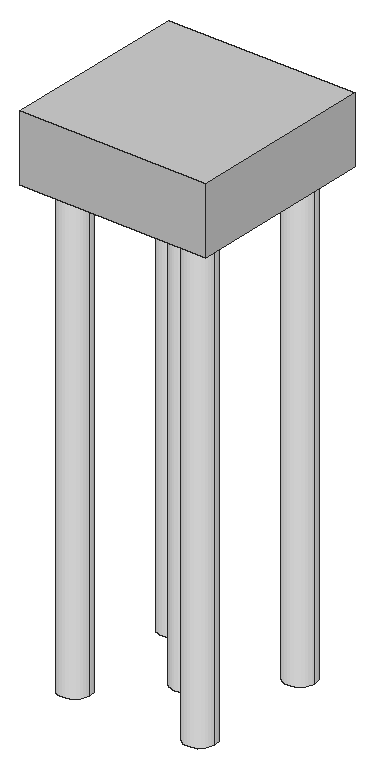
Revit family "127b1f0df5e8436393ac00a8e2270e8b", category Structural Foundations, Revit 2021
Family settings
  Material for Model Behavior = Concrete
  Cap = No
  OmniClass Number = 23.25.05.11
  OmniClass Title = Foundation Piles
  Seek Item ID = Pile Cap-5 Pile-0000-USA-ENU
  Work Plane-Based = No
  Always vertical = Yes
  Cut with Voids When Loaded = No
  Shared = No
Parameters (values of type "98"x98"x35"")
  Width = 8' - 2"
  Structural Material [instance] = Concrete, Cast-in-Place gray
  Pile Type = Pile-Steel Pipe : 16" Diameter
  Length = 8' - 2"
  Foundation Thickness = 2' - 11"
  Cut-off = 0' - 6"
  Clearance = 1' - 4"
  Assembly Code = "A1010130"
Reference planes (in)
  plane 1 "Center (Front/Back)": y = 0
  plane 2: z = 0
  plane 3 "Center (Left/Right)": x = 0
  plane 4: z = -35
  plane 5: y = 49
  plane 6: x = -49
  plane 7: x = 49
  plane 8: y = -33
  plane 9: z = -29
  plane 10: x = -33
  plane 11: x = 33
  plane 12: y = 33
  plane 13: y = -49
Forms (in)
  Extrusion 1, solid, material "Concrete, Cast-in-Place gray" <- "Structural Material"
    sketch origin (0, 0, 0) x (1, 0, 0) y (0, 1, 0)
      loop
        line (-49, 49) -> (-49, -49) -> (49, -49) -> (49, 49) -> (-49, 49)
    from -35 to 0
Dimensions and locks (in)
  "Foundation Thickness": plane 2 to plane 4
  equal spacing: plane 6, plane 3 "Center (Left/Right)", plane 7  (x2)
  "Width": plane 6 to plane 7
  "Cut-off": plane 4 to plane 9
  "Clearance": plane 6 to plane 10
  "Clearance": plane 11 to plane 7
  "Clearance": plane 12 to plane 5
  "Clearance": plane 13 to plane 8
  "Length": plane 5 to plane 13
  equal spacing: plane 5, plane 1 "Center (Front/Back)", plane 13
  aligned and locked: Extrusion 1 to plane 4
  aligned and locked: level to Extrusion 1
  aligned and locked: plane 12 to nested 1
  aligned and locked: plane 10 to nested 2
  aligned and locked: plane 8 to nested 2
  aligned and locked: plane 11 to nested 3
  aligned and locked: plane 6 to Extrusion 1 sketch curve
  aligned and locked: plane 5 to Extrusion 1 sketch curve
  aligned and locked: plane 13 to Extrusion 1 sketch curve
  aligned and locked: plane 7 to Extrusion 1 sketch curve
  aligned and locked: plane 12 to nested 4
  aligned and locked: plane 10 to nested 1
  aligned and locked: plane 11 to nested 4
  aligned and locked: plane 8 to nested 3
  aligned and locked: plane 1 "Center (Front/Back)" to nested 5
  aligned and locked: plane 3 "Center (Left/Right)" to nested 5
  aligned and locked: plane 9 to nested 1
  aligned and locked: plane 9 to nested 5
  aligned and locked: plane 9 to nested 4
  aligned and locked: plane 9 to nested 2
  aligned and locked: plane 9 to nested 3
Nested families (in)
  nested 1: "Pile-Steel Pipe" at (-33, 33, -35), type <- "Pile Type", type "16" Diameter"
    with Structural Material Steel ASTM A572
  nested 2: "Pile-Steel Pipe" at (-33, -33, -35), type <- "Pile Type", type "16" Diameter"
    with Structural Material Steel ASTM A572
  nested 3: "Pile-Steel Pipe" at (33, -33, -35), type <- "Pile Type", type "16" Diameter"
    with Structural Material Steel ASTM A572
  nested 4: "Pile-Steel Pipe" at (33, 33, -35), type <- "Pile Type", type "16" Diameter"
    with Structural Material Steel ASTM A572
  nested 5: "Pile-Steel Pipe" at (0, 0, -35), type <- "Pile Type", type "16" Diameter"
    with Structural Material Steel ASTM A572
Definition of nested family "Pile-Steel Pipe"
  Parameters (values of type "8" Diameter")
    Structural Material [instance] = none
    Radius = Diameter / 2  # 0' - 4"
    Minimum Embedment = 0' - 6"
    Diameter = 0' - 8"
    Depth = 20' - 0"
    Assembly Code = "A1020130"
  Types (7): name | Radius | Diameter
    (no name) | 0' - 4" | 0' - 8"
    12" Diameter | 0' - 6" | 1' - 0"
    24" Diameter | 1' - 0" | 2' - 0"
    10" Diameter | 0' - 5" | 0' - 10"
    16" Diameter | 0' - 8" | 1' - 4"
    20" Diameter | 0' - 10" | 1' - 8"
    8" Diameter | 0' - 4" | 0' - 8"
  Reference planes (in)
    plane 1 "Center (Front/Back)": y = 0
    plane 2: z = 0
    plane 3 "Center (Left/Right)": x = 0
    plane 4: z = -240
    plane 5: z = 6
  Forms (in)
    Extrusion 1, solid, material <- "Structural Material"
      sketch origin (0, 0, 0) x (1, 0, 0) y (0, 1, 0)
        loop
          circle (0, 0) r 4
      from -240 to 6
  Dimensions and locks (in)
    "Depth": plane 2 to plane 4
    "Minimum Embedment": plane 5 to plane 2
    "Radius": radius of Extrusion 1 sketch curve
    aligned and locked: Extrusion 1 to plane 4
    aligned and locked: Extrusion 1 to plane 5
  Automatic sketch dimensions
    Extrusion 1 sketch curve to plane 1 "Center (Front/Back)" = 0' - 0"
    Extrusion 1 sketch curve to plane 3 "Center (Left/Right)" = 0' - 0"
